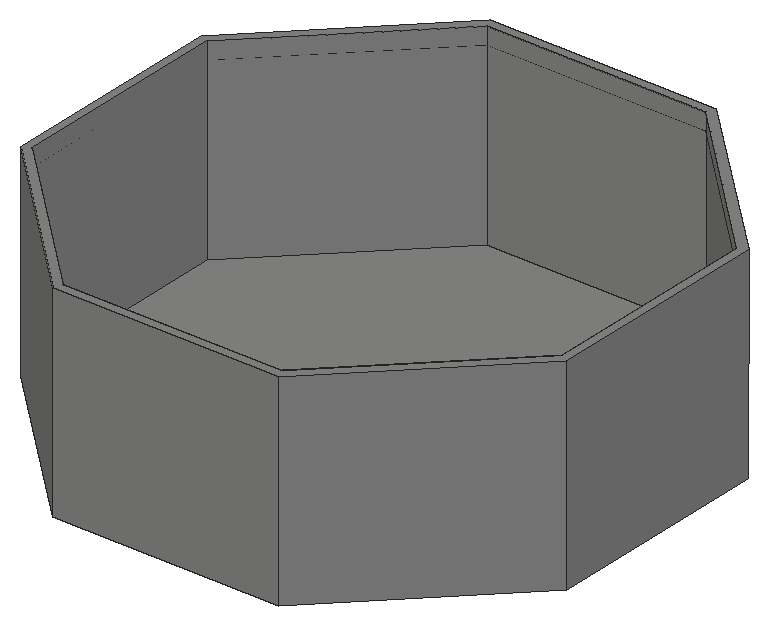
Revit family "Caixa_Eletrica_Teto", category Electrical Fixtures, host Face, Revit 2025
Family settings
  Host = Face
  Round Connector Dimension = Use Radius
  Part Type = Normal
  OmniClass Number = 23.80.50.11.11
  OmniClass Title = Receptacle Terminal Units
  Cut with Voids When Loaded = No
  Maintain Annotation Orientation = No
  Shared = No
  Room Calculation Point = No
Parameters (values of type "Caixa_4"")
  largura = 0.1016 m
  altura = 0.0381 m
  URL = ""
  Model = ""
  Manufacturer = ""
  Description = ""
  Default Elevation = 1.2192 m
Reference planes (m)
  plane 1 "Center (Front/Back)": y = 0
  plane 2 "Center (Elevation)": z = 0
  plane 3 "Center (Left/Right)": x = 0
  plane 4: through (-0.021042, 0.0508, 1.2192) normal (0.7071, -0.7071, 0)
  plane 5: through (0.0508, 0.021042, 1.2192) normal (-0.7071, -0.7071, 0)
  plane 6: through (-0.0508, -0.021042, 1.2192) normal (0.7071, 0.7071, 0)
  plane 7: through (0.021042, -0.0508, 1.2192) normal (-0.7071, 0.7071, 0)
  plane 8: through (-0.014879, -0.014879, 1.2192) normal (-0.7071, 0.7071, 0)
  plane 9: through (0.019369, -0.019369, 1.2192) normal (-0.7071, -0.7071, 0)
  plane 10: through (0.049668, 0.019911, 1.2192) normal (-0.7071, -0.7071, 0)
  plane 11: through (-0.049668, -0.019911, 1.2192) normal (0.7071, 0.7071, 0)
  plane 12: z = -0.0381
  plane 13: through (-0.019911, 0.049668, 1.2192) normal (0.7071, -0.7071, 0)
  plane 14: through (0.019911, -0.049668, 1.2192) normal (-0.7071, 0.7071, 0)
Forms (m)
  Extrusion 1, solid, material "Steel - Thomas & Betts"
    sketch origin (0, 0, 0) x (1, 0, 0) y (0, 1, 0)
      loop
        line (0.0508, 0.021042) -> (0.021042, 0.0508) -> (-0.021042, 0.0508) -> (-0.0508, 0.021042) -> (-0.0508, -0.021042) -> (-0.021042, -0.0508) -> (0.021042, -0.0508) -> (0.0508, -0.021042) -> (0.0508, 0.021042)
    from -0.0381 to -0.0365
  Sweep 2, solid, material "Steel - Thomas & Betts"
    path origin (0, 0, 0) x (1, 0, 0) y (0, 1, 0)
      loop
        line (0.021042, 0.0508) -> (-0.021042, 0.0508) -> (-0.0508, 0.021042) -> (-0.0508, -0.021042) -> (-0.021042, -0.0508) -> (0.021042, -0.0508) -> (0.0508, -0.021042) -> (0.0508, 0.021042) -> (0.021042, 0.0508)
    profile origin (0, 0.0508, 0) x (0, -1, 0) y (0, 0, 1)
      loop
        line (0.0016, 0) -> (0, 0) -> (0, -0.0365) -> (0.0016, -0.0365) -> (0.0016, 0)
  Extrusion 3, solid, material "Steel - Thomas & Betts", not visible, detail levels medium
    sketch origin (0, 0, 0) x (1, 0, 0) y (0, 1, 0)
      loop
        circle (-0.022451, 0.022451) r 0.00635
      loop
        circle (0.022451, -0.022451) r 0.00635
      loop
        circle (0, 0) r 0.00635
      loop
        circle (0.022451, 0.022451) r 0.00635
      loop
        circle (-0.022451, -0.022451) r 0.00635
    from -0.0381 to -0.0365
  Extrusion 4, solid, material "Steel - Thomas & Betts", not visible, detail levels medium
    sketch origin (0, 0, 0) x (1, 0, 0) y (0, 0, 1)
      loop
        circle (0, -0.01905) r 0.00635
    from 0.0492 to 0.0508
  Extrusion 5, solid, material "Steel - Thomas & Betts", not visible, detail levels medium
    sketch origin (0, 0, 0) x (0, 1, 0) y (0, 0, 1)
      loop
        circle (0, -0.01905) r 0.00635
    from 0.0492 to 0.0508
  Extrusion 6, solid, material "Steel - Thomas & Betts", not visible, detail levels medium
    sketch origin (0, 0, 0) x (1, 0, 0) y (0, 0, -1)
      loop
        circle (0, 0.01905) r 0.00635
    from 0.0492 to 0.0508
  Extrusion 7, solid, material "Steel - Thomas & Betts", not visible, detail levels medium
    sketch origin (0, 0, 0) x (0, 1, 0) y (0, 0, -1)
      loop
        circle (0, 0.01905) r 0.00635
    from 0.0492 to 0.0508
  Extrusion 8, solid, material "Snap Locations"
    sketch origin (0, 0, 0) x (1, 0, 0) y (0, 1, 0)
      loop
        line (0.0492, 0.020379) -> (0.020379, 0.0492) -> (-0.020379, 0.0492) -> (-0.0492, 0.020379) -> (-0.0492, -0.020379) -> (-0.020379, -0.0492) -> (0.020379, -0.0492) -> (0.0492, -0.020379) -> (0.0492, 0.020379)
    from -0.003175 to 0
Cuts and joins
  joined: Extrusion 1, Sweep 2
Lines and regions (m)
  Masking region 1
    outline origin (0, 0, 0) x (1, 0, 0) y (0, 1, 0)
      loop
        line (0.0508, 0.021042) -> (0.021042, 0.0508) -> (-0.021042, 0.0508) -> (-0.0508, 0.021042) -> (-0.0508, -0.021042) -> (-0.021042, -0.0508) -> (0.021042, -0.0508) -> (0.0508, -0.021042) -> (0.0508, 0.021042)
  Masking region 2
    outline origin (0, 0, 0) x (0, 1, 0) y (0, 0, 1)
      loop
        line (-0.0508, 0) -> (-0.0508, -0.0381) -> (0.0508, -0.0381) -> (0.0508, 0) -> (-0.0508, 0)
  Masking region 3
    outline origin (0, 0, 0) x (1, 0, 0) y (0, 0, 1)
      loop
        line (-0.0508, 0) -> (-0.0508, -0.0381) -> (0.0508, -0.0381) -> (0.0508, 0) -> (-0.0508, 0)
  model lines, detail levels fine
    curve 1: circle (-0.022451, 0.022451, -0.0381) r 0.00635 normal (0, 0, 1)
    curve 2: circle (0.022451, 0.022451, -0.0381) r 0.00635 normal (0, 0, 1)
    curve 3: circle (0, 0, -0.0381) r 0.00635 normal (0, 0, 1)
    curve 4: circle (-0.022451, -0.022451, -0.0381) r 0.00635 normal (0, 0, 1)
    curve 5: circle (0.022451, -0.022451, -0.0381) r 0.00635 normal (0, 0, 1)
    curve 6: circle (0, -0.0508, -0.01905) r 0.00635 normal (0, -1, 0)
    curve 7: circle (0, 0.0508, -0.01905) r 0.00635 normal (0, -1, 0)
    curve 8: circle (-0.0508, 0, -0.01905) r 0.00635 normal (1, 0, 0)
    curve 9: circle (0.0508, 0, -0.01905) r 0.00635 normal (1, 0, 0)
  model lines, style "Snap Locations"
    curve 10: line (0, 0.00635, 0) -> (0, -0.00635, 0)
    curve 11: line (-0.00635, 0, 0) -> (0.00635, 0, 0)
  symbolic lines, detail levels fine
    curve 12: circle (0, 0, -0.01905) r 0.00635 normal (0, -1, 0)
Dimensions and locks (m)
  radius of Extrusion 3 sketch curve = 0.00635 m  (x5)
  radius of Extrusion 4 sketch curve = 0.00635 m
  radius of Extrusion 5 sketch curve = 0.00635 m
  radius of Extrusion 6 sketch curve = 0.00635 m
  radius of Extrusion 7 sketch curve = 0.00635 m
  radius of curve 1 = 0.00635 m
  radius of curve 2 = 0.00635 m
  radius of curve 3 = 0.00635 m
  radius of curve 4 = 0.00635 m
  radius of curve 5 = 0.00635 m
  radius of curve 6 = 0.00635 m
  radius of curve 7 = 0.00635 m
  radius of curve 8 = 0.00635 m
  radius of curve 9 = 0.00635 m
  radius of curve 12 = 0.00635 m
  aligned and locked: plane 2 "Center (Elevation)" to host face
  aligned and locked: level to host face
  aligned and locked: plane 12 to Extrusion 1
  aligned and locked: plane 12 to Extrusion 3
Connectors (m)
  cabletrayconduit at (0, -0.0508, -0.01905), diameter 0.0127
    settings: on Extrusion 4, index 1, connector width 0.3048 m, connector height 0.3048 m, connector angle 0.000°, system type 32, placement type 0, profile type 0, connector reference index -1, is primary connector yes, connector utility param no, connector description "Conduit 1"
  cabletrayconduit at (0.0508, 0, -0.01905), diameter 0.0127
    settings: on Extrusion 5, index 2, connector width 0.3048 m, connector height 0.3048 m, connector angle 0.000°, system type 32, placement type 0, profile type 0, connector reference index -1, is primary connector no, connector utility param no, connector description "Conduit 2"
  cabletrayconduit at (0, 0.0508, -0.01905), diameter 0.0127
    settings: on Extrusion 6, index 3, connector width 0.3048 m, connector height 0.3048 m, connector angle 0.000°, system type 32, placement type 0, profile type 0, connector reference index -1, is primary connector no, connector utility param no, connector description "Conduit 3"
  cabletrayconduit at (-0.0508, 0, -0.01905), diameter 0.0127
    settings: on Extrusion 7, index 4, connector width 0.3048 m, connector height 0.3048 m, connector angle 0.000°, system type 32, placement type 0, profile type 0, connector reference index -1, is primary connector no, connector utility param no, connector description "Conduit 4"
  cabletrayconduit at (-0.022451, 0.022451, -0.0381), diameter 0.0127
    settings: on Extrusion 3, index 5, connector width 0.3048 m, connector height 0.3048 m, connector angle 0.000°, system type 32, placement type 0, profile type 0, connector reference index -1, is primary connector no, connector utility param no, connector description "Conduit 8"
  cabletrayconduit at (0, 0, -0.0381), diameter 0.0127
    settings: on Extrusion 3, index 6, connector width 0.3048 m, connector height 0.3048 m, connector angle 0.000°, system type 32, placement type 0, profile type 0, connector reference index -1, is primary connector no, connector utility param no, connector description "Conduit 7"
  cabletrayconduit at (0.022451, 0.022451, -0.0381), diameter 0.0127
    settings: on Extrusion 3, index 7, connector width 0.3048 m, connector height 0.3048 m, connector angle 0.000°, system type 32, placement type 0, profile type 0, connector reference index -1, is primary connector no, connector utility param no, connector description "Conduit 9"
  cabletrayconduit at (0.022451, -0.022451, -0.0381), diameter 0.0127
    settings: on Extrusion 3, index 8, connector width 0.3048 m, connector height 0.3048 m, connector angle 0.000°, system type 32, placement type 0, profile type 0, connector reference index -1, is primary connector no, connector utility param no, connector description "Conduit 6"
  cabletrayconduit at (-0.022451, -0.022451, -0.0381), diameter 0.0127
    settings: on Extrusion 3, index 9, connector width 0.3048 m, connector height 0.3048 m, connector angle 0.000°, system type 32, placement type 0, profile type 0, connector reference index -1, is primary connector no, connector utility param no, connector description "Conduit 5"
